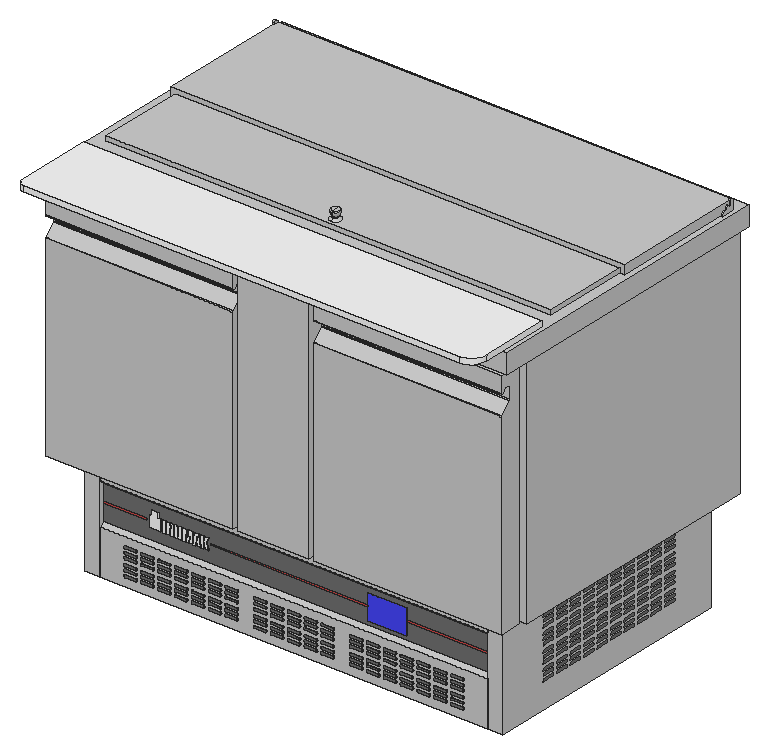
Revit family "QF_INOMAK_BSVP77_250611023528", category Specialty Equipment, Revit 2021 (continued)
Definition of nested family "QF_INOMAK_REF_BASE_MOTOR_2920"
  Forms (mm)
    Extrusion 20, solid
      sketch origin (1041, 1580.136, -390.167) x (0, 1, 0) y (0, 0, -1)
        loop
          line (-1907.436, -486.535) -> (-1883.436, -486.535)
          arc (-1883.436, -486.535) -> (-1880.436, -483.535) -> (-1883.436, -480.535) r 3
          line (-1883.436, -480.535) -> (-1907.436, -480.535)
          arc (-1907.436, -480.535) -> (-1910.436, -483.535) -> (-1907.436, -486.535) r 3
        loop
          line (-1868.436, -486.535) -> (-1844.436, -486.535)
          arc (-1844.436, -486.535) -> (-1841.436, -483.535) -> (-1844.436, -480.535) r 3
          line (-1844.436, -480.535) -> (-1868.436, -480.535)
          arc (-1868.436, -480.535) -> (-1871.436, -483.535) -> (-1868.436, -486.535) r 3
        loop
          line (-1829.436, -486.535) -> (-1805.436, -486.535)
          arc (-1805.436, -486.535) -> (-1802.436, -483.535) -> (-1805.436, -480.535) r 3
          line (-1805.436, -480.535) -> (-1829.436, -480.535)
          arc (-1829.436, -480.535) -> (-1832.436, -483.535) -> (-1829.436, -486.535) r 3
        loop
          line (-1790.436, -486.535) -> (-1766.436, -486.535)
          arc (-1766.436, -486.535) -> (-1763.436, -483.535) -> (-1766.436, -480.535) r 3
          line (-1766.436, -480.535) -> (-1790.436, -480.535)
          arc (-1790.436, -480.535) -> (-1793.436, -483.535) -> (-1790.436, -486.535) r 3
        loop
          line (-1751.436, -486.535) -> (-1727.436, -486.535)
          arc (-1727.436, -486.535) -> (-1724.436, -483.535) -> (-1727.436, -480.535) r 3
          line (-1727.436, -480.535) -> (-1751.436, -480.535)
          arc (-1751.436, -480.535) -> (-1754.436, -483.535) -> (-1751.436, -486.535) r 3
        loop
          line (-1985.436, -475.535) -> (-1961.436, -475.535)
          arc (-1961.436, -475.535) -> (-1958.436, -472.535) -> (-1961.436, -469.535) r 3
          line (-1961.436, -469.535) -> (-1985.436, -469.535)
          arc (-1985.436, -469.535) -> (-1988.436, -472.535) -> (-1985.436, -475.535) r 3
        loop
          line (-1946.436, -475.535) -> (-1922.436, -475.535)
          arc (-1922.436, -475.535) -> (-1919.436, -472.535) -> (-1922.436, -469.535) r 3
          line (-1922.436, -469.535) -> (-1946.436, -469.535)
          arc (-1946.436, -469.535) -> (-1949.436, -472.535) -> (-1946.436, -475.535) r 3
        loop
          line (-1907.436, -475.535) -> (-1883.436, -475.535)
          arc (-1883.436, -475.535) -> (-1880.436, -472.535) -> (-1883.436, -469.535) r 3
          line (-1883.436, -469.535) -> (-1907.436, -469.535)
          arc (-1907.436, -469.535) -> (-1910.436, -472.535) -> (-1907.436, -475.535) r 3
        loop
          line (-1868.436, -475.535) -> (-1844.436, -475.535)
          arc (-1844.436, -475.535) -> (-1841.436, -472.535) -> (-1844.436, -469.535) r 3
          line (-1844.436, -469.535) -> (-1868.436, -469.535)
          arc (-1868.436, -469.535) -> (-1871.436, -472.535) -> (-1868.436, -475.535) r 3
        loop
          line (-1829.436, -475.535) -> (-1805.436, -475.535)
          arc (-1805.436, -475.535) -> (-1802.436, -472.535) -> (-1805.436, -469.535) r 3
          line (-1805.436, -469.535) -> (-1829.436, -469.535)
          arc (-1829.436, -469.535) -> (-1832.436, -472.535) -> (-1829.436, -475.535) r 3
        loop
          line (-1790.436, -475.535) -> (-1766.436, -475.535)
          arc (-1766.436, -475.535) -> (-1763.436, -472.535) -> (-1766.436, -469.535) r 3
          line (-1766.436, -469.535) -> (-1790.436, -469.535)
          arc (-1790.436, -469.535) -> (-1793.436, -472.535) -> (-1790.436, -475.535) r 3
        loop
          line (-1751.436, -475.535) -> (-1727.436, -475.535)
          arc (-1727.436, -475.535) -> (-1724.436, -472.535) -> (-1727.436, -469.535) r 3
          line (-1727.436, -469.535) -> (-1751.436, -469.535)
          arc (-1751.436, -469.535) -> (-1754.436, -472.535) -> (-1751.436, -475.535) r 3
        loop
          line (-2102.436, -534.535) -> (-2078.436, -534.535)
          arc (-2078.436, -534.535) -> (-2075.436, -531.535) -> (-2078.436, -528.535) r 3
          line (-2078.436, -528.535) -> (-2102.436, -528.535)
          arc (-2102.436, -528.535) -> (-2105.436, -531.535) -> (-2102.436, -534.535) r 3
        loop
          line (-2063.436, -534.535) -> (-2039.436, -534.535)
          arc (-2039.436, -534.535) -> (-2036.436, -531.535) -> (-2039.436, -528.535) r 3
          line (-2039.436, -528.535) -> (-2063.436, -528.535)
          arc (-2063.436, -528.535) -> (-2066.436, -531.535) -> (-2063.436, -534.535) r 3
        loop
          line (-2024.436, -534.535) -> (-2000.436, -534.535)
          arc (-2000.436, -534.535) -> (-1997.436, -531.535) -> (-2000.436, -528.535) r 3
          line (-2000.436, -528.535) -> (-2024.436, -528.535)
          arc (-2024.436, -528.535) -> (-2027.436, -531.535) -> (-2024.436, -534.535) r 3
        loop
          line (-2102.436, -523.535) -> (-2078.436, -523.535)
          arc (-2078.436, -523.535) -> (-2075.436, -520.535) -> (-2078.436, -517.535) r 3
          line (-2078.436, -517.535) -> (-2102.436, -517.535)
          arc (-2102.436, -517.535) -> (-2105.436, -520.535) -> (-2102.436, -523.535) r 3
        loop
          line (-2063.436, -523.535) -> (-2039.436, -523.535)
          arc (-2039.436, -523.535) -> (-2036.436, -520.535) -> (-2039.436, -517.535) r 3
          line (-2039.436, -517.535) -> (-2063.436, -517.535)
          arc (-2063.436, -517.535) -> (-2066.436, -520.535) -> (-2063.436, -523.535) r 3
        loop
          line (-2024.436, -523.535) -> (-2000.436, -523.535)
          arc (-2000.436, -523.535) -> (-1997.436, -520.535) -> (-2000.436, -517.535) r 3
          line (-2000.436, -517.535) -> (-2024.436, -517.535)
          arc (-2024.436, -517.535) -> (-2027.436, -520.535) -> (-2024.436, -523.535) r 3
        loop
          line (-2102.436, -512.535) -> (-2078.436, -512.535)
          arc (-2078.436, -512.535) -> (-2075.436, -509.535) -> (-2078.436, -506.535) r 3
          line (-2078.436, -506.535) -> (-2102.436, -506.535)
          arc (-2102.436, -506.535) -> (-2105.436, -509.535) -> (-2102.436, -512.535) r 3
        loop
          line (-2063.436, -512.535) -> (-2039.436, -512.535)
          arc (-2039.436, -512.535) -> (-2036.436, -509.535) -> (-2039.436, -506.535) r 3
          line (-2039.436, -506.535) -> (-2063.436, -506.535)
          arc (-2063.436, -506.535) -> (-2066.436, -509.535) -> (-2063.436, -512.535) r 3
        loop
          line (-2024.436, -512.535) -> (-2000.436, -512.535)
          arc (-2000.436, -512.535) -> (-1997.436, -509.535) -> (-2000.436, -506.535) r 3
          line (-2000.436, -506.535) -> (-2024.436, -506.535)
          arc (-2024.436, -506.535) -> (-2027.436, -509.535) -> (-2024.436, -512.535) r 3
        loop
          line (-2102.436, -497.535) -> (-2078.436, -497.535)
          arc (-2078.436, -497.535) -> (-2075.436, -494.535) -> (-2078.436, -491.535) r 3
          line (-2078.436, -491.535) -> (-2102.436, -491.535)
          arc (-2102.436, -491.535) -> (-2105.436, -494.535) -> (-2102.436, -497.535) r 3
        loop
          line (-2063.436, -497.535) -> (-2039.436, -497.535)
          arc (-2039.436, -497.535) -> (-2036.436, -494.535) -> (-2039.436, -491.535) r 3
          line (-2039.436, -491.535) -> (-2063.436, -491.535)
          arc (-2063.436, -491.535) -> (-2066.436, -494.535) -> (-2063.436, -497.535) r 3
        loop
          line (-2024.436, -497.535) -> (-2000.436, -497.535)
          arc (-2000.436, -497.535) -> (-1997.436, -494.535) -> (-2000.436, -491.535) r 3
          line (-2000.436, -491.535) -> (-2024.436, -491.535)
          arc (-2024.436, -491.535) -> (-2027.436, -494.535) -> (-2024.436, -497.535) r 3
        loop
          line (-2102.436, -486.535) -> (-2078.436, -486.535)
          arc (-2078.436, -486.535) -> (-2075.436, -483.535) -> (-2078.436, -480.535) r 3
          line (-2078.436, -480.535) -> (-2102.436, -480.535)
          arc (-2102.436, -480.535) -> (-2105.436, -483.535) -> (-2102.436, -486.535) r 3
        loop
          line (-2063.436, -486.535) -> (-2039.436, -486.535)
          arc (-2039.436, -486.535) -> (-2036.436, -483.535) -> (-2039.436, -480.535) r 3
          line (-2039.436, -480.535) -> (-2063.436, -480.535)
          arc (-2063.436, -480.535) -> (-2066.436, -483.535) -> (-2063.436, -486.535) r 3
        loop
          line (-2024.436, -486.535) -> (-2000.436, -486.535)
          arc (-2000.436, -486.535) -> (-1997.436, -483.535) -> (-2000.436, -480.535) r 3
          line (-2000.436, -480.535) -> (-2024.436, -480.535)
          arc (-2024.436, -480.535) -> (-2027.436, -483.535) -> (-2024.436, -486.535) r 3
        loop
          line (-2102.436, -475.535) -> (-2078.436, -475.535)
          arc (-2078.436, -475.535) -> (-2075.436, -472.535) -> (-2078.436, -469.535) r 3
          line (-2078.436, -469.535) -> (-2102.436, -469.535)
          arc (-2102.436, -469.535) -> (-2105.436, -472.535) -> (-2102.436, -475.535) r 3
        loop
          line (-2063.436, -475.535) -> (-2039.436, -475.535)
          arc (-2039.436, -475.535) -> (-2036.436, -472.535) -> (-2039.436, -469.535) r 3
          line (-2039.436, -469.535) -> (-2063.436, -469.535)
          arc (-2063.436, -469.535) -> (-2066.436, -472.535) -> (-2063.436, -475.535) r 3
        loop
          line (-2024.436, -475.535) -> (-2000.436, -475.535)
          arc (-2000.436, -475.535) -> (-1997.436, -472.535) -> (-2000.436, -469.535) r 3
          line (-2000.436, -469.535) -> (-2024.436, -469.535)
          arc (-2024.436, -469.535) -> (-2027.436, -472.535) -> (-2024.436, -475.535) r 3
      from 16.5 to 19
  Lines and regions (mm)
    symbolic lines, visible <- "Show Clearance"
      curve 1: line (0, -700, 0) -> (0, -25, 0)
      curve 4: line (1080, -700, 0) -> (1080, -25, 0)
      curve 5: line (0, -25, 0) -> (1080, -25, 0)
      curve 6: line (1080, -700, 0) -> (0, -700, 0)
    symbolic lines
      curve 2: line (12, -1118, 0) -> (12, -700, 0)
      curve 3: arc (12, -1118, 0) -> (312.243, -995.109, 0) -> (447, -700, 0) r 440.665
      curve 7: line (1068, -1118, 0) -> (1068, -700, 0)
      curve 8: arc (1068, -1118, 0) -> (767.757, -995.109, 0) -> (633, -700, 0) r 440.665
  Dimensions and locks
    plane 3 "Left" to plane 4 "Right" = 1080 mm
    plane 5 "Front" to plane 1 "Back" = 700 mm
    plane 6 "Top" to level = 812 mm  (x2)
    aligned and locked: level to plane 2
Definition of nested family "QF_INOMAK_REF_SALADETTE_WORKTOPS_LID_5707"
  Parameters (values of type "WTRL-1080-700")
    Worktop thickness [instance] = 46 mm
    Weight [instance] = 0.00 kg
    Warranty Start Date [instance] = ""
    Warranty Duration [instance] = ""
    URL Cutsheet [instance] = ""
    URL = "www.inomak.com"
    Technical Documentation [instance] = ""
    Tag Number [instance] = ""
    Status [instance] = ""
    Specification by User [instance] = ""
    Specification by Manufacturer [instance] = ""
    Sound Level [instance] = ""
    Solid Fuel Type [instance] = ""
    Show Logo [instance] = yes
    Show Clearances [instance] = yes
    Show Clearance [instance] = yes
    Service Life Duration [instance] = ""
    Serial Number [instance] = ""
    Seismic Rating [instance] = ""
    SMACNA No [instance] = ""
    Revision Code [instance] = ""
    Revision [instance] = ""
    Production Year [instance] = ""
    Point Load [instance] = 0
    Other Equipment Approvals [instance] = ""
    NAFEM Spec ID Number [instance] = ""
    Model Warning [instance] = ""
    Model = "WTRL"
    Masterspec [instance] = ""
    Manufacturer = "INOMAK"
    Length Actual [instance] = 1080 mm
    Item Number [instance] = ""
    Installed By [instance] = ""
    Installation Date [instance] = ""
    Identify Quantity as Lot [instance] = yes
    ID [instance] = ""
    Hygiene Approval [instance] = ""
    Height Actual [instance] = 0 mm
    Height AFF [instance] = 0 mm
    Furnished By [instance] = ""
    Foodservice Equipment Identifier [instance] = yes
    Finish [instance] = none
    ETL Approved [instance] = yes
    Description = "RETRACTABLE STAINLESS-STEEL LID"
    Depth Actual [instance] = 700 mm
    Default Elevation = 0 mm
    CSI MasterFormat [instance] = ""
    CE Approved [instance] = yes
    Barcode [instance] = ""
    Author [instance] = ""
    Asset Identifier [instance] = ""
    Assembly Code = "E1090320"
    Accessory [instance] = yes
  Types (2, lengths in mm): name | Model | Description | Depth Actual
    WTRL-1080-700 | "WTRL" | "RETRACTABLE STAINLESS-STEEL LID" | 700
    WTRL-1080-700-80 | "WTRL-80" | "RETRACTABLE STAINLESS-STEEL LID WITH 80CM STAINLESS STEEL TOP" | 800
  Reference planes
    plane 1 "Back": y = 0
    plane 2: z = 0
    plane 3 "Left": x = 0
    plane 4 "Right": x = 1080
    plane 5 "Front": y = -700
    plane 6 "Top": z = 46
    plane 7 "Backsplash thickness": y = -30
    plane 8 "Worktop bottom": z = 0
    plane 9 "Upright height": z = 46
    plane 10: x = 15
    plane 11: x = 1065
    plane 12 "X": x = 540
    plane 13: x = 25
    plane 14: x = 1055
    plane 15: y = -540
  Forms (mm)
    Extrusion 1, solid, material <- "Finish"
      sketch origin (1065, 525.703, 3857.279) x (0, -0.984088, 0.177683) y (0, 0.177683, 0.984088)
        loop
          line (174.73, -3904.454) -> (178.284, -3884.772) -> (-126.783, -3829.69) -> (-130.337, -3849.372) -> (174.73, -3904.454)
      from 0 to 1050
    Extrusion 2, solid, material <- "Finish"
      sketch origin (0, -21.709, -75.027) x (0, 0.984088, -0.177683) y (0, 0.177683, 0.984088)
        loop
          line (-31.631, 117.273) -> (-35.185, 136.954)
          arc (-35.185, 136.954) -> (-39.248, 139.775) -> (-42.069, 135.711) r 3.498
          line (-42.069, 135.711) -> (-40.399, 126.463)
          arc (-40.399, 126.463) -> (-41.381, 124.558) -> (-43.476, 125.013) r 1.761
          line (-43.476, 125.013) -> (-46.345, 128.403)
          arc (-46.345, 128.403) -> (-48.283, 129.247) -> (-50.133, 128.222) r 2.39
          line (-50.133, 128.222) -> (-51.763, 125.874) -> (-50.874, 120.953) -> (-54.578, 120.285)
          arc (-54.578, 120.285) -> (-56.864, 119.385) -> (-58.632, 117.678) r 6.297
          line (-58.632, 117.678) -> (-61.483, 113.571) -> (-61.188, 111.936) -> (-31.631, 117.273)
      from 10 to 15
    Extrusion 3, solid, visible <- "Show Clearance", detail levels coarse
      sketch origin (1065, 525.703, 3857.279) x (0, -0.984088, 0.177683) y (0, 0.177683, 0.984088)
        loop
          arc (375.102, -3920.308) -> (292.18, -3538.881) -> (-36.165, -3327.805) r 510
          line (-36.165, -3327.805) -> (-126.783, -3829.69) -> (375.102, -3920.308)
      from 0 to 1050
    Extrusion 4, solid
      sketch origin (0, 0, 46) x (0, 1, 0) y (-1, 0, 0)
        loop
          line (-585, -10) -> (-765, -10)
          arc (-765, -10) -> (-775.607, -14.393) -> (-780, -25) r 15
          line (-780, -25) -> (-780, -1035)
          arc (-780, -1035) -> (-769.749, -1059.749) -> (-745, -1070) r 35
          line (-745, -1070) -> (-585, -1070) -> (-585, -10)
      from 0 to 12.047
    Extrusion 5, solid, material <- "Finish"
      sketch origin (1065, 215.703, 3857.279) x (0, -0.984088, 0.177683) y (0, 0.177683, 0.984088)
        loop
          line (66.481, -3884.909) -> (68.258, -3875.068) -> (-128.56, -3839.531) -> (-130.337, -3849.372) -> (66.481, -3884.909)
      from 10 to 1040
    Extrusion 6, solid, material <- "Finish"
      sketch origin (1080, -1405.169, 4000) x (0, -1, 0) y (0, 0, 1)
        loop
          line (-1373.169, -3954) -> (-1343.135, -3954) -> (-1343.135, -3952.339) -> (-1346.67, -3948.803)
          arc (-1346.67, -3948.803) -> (-1348.713, -3947.438) -> (-1351.123, -3946.959) r 6.297
          line (-1351.123, -3946.959) -> (-1354.886, -3946.959) -> (-1354.886, -3941.959) -> (-1356.908, -3939.937)
          arc (-1356.908, -3939.937) -> (-1358.91, -3939.258) -> (-1360.668, -3940.432) r 2.39
          line (-1360.668, -3940.432) -> (-1362.888, -3944.278)
          arc (-1362.888, -3944.278) -> (-1364.869, -3945.099) -> (-1366.174, -3943.398) r 1.761
          line (-1366.174, -3943.398) -> (-1366.174, -3934)
          arc (-1366.174, -3934) -> (-1369.671, -3930.502) -> (-1373.169, -3934) r 3.498
          line (-1373.169, -3934) -> (-1373.169, -3954)
      from 10 to 15
    Revolve 7, solid, material <- "Finish"
      sketch origin (540, -83.951, 4000) x (0, -1, 0) y (0, 0, 1)
        loop
          line (447.898, -3944) -> (443.856, -3939.958) -> (440.026, -3939.958) -> (440.026, -3936.951)
          arc (440.026, -3936.951) -> (444.435, -3932.542) -> (446.049, -3926.519) r 12.045
          line (446.049, -3926.519) -> (445.373, -3924) -> (436.049, -3924) -> (436.049, -3944) -> (447.898, -3944)
        axis (436.049, -3944) -> (436.049, -3924)
      angle from 0 to 360
  Lines and regions (mm)
    Masking region 1
      outline origin (0, 0, 46) x (0, 1, 0) y (-1, 0, 0)
        loop
          line (-700, -10) -> (-765, -10)
          arc (-765, -10) -> (-775.607, -14.393) -> (-780, -25) r 15
          line (-780, -25) -> (-780, -1035)
          arc (-780, -1035) -> (-769.749, -1059.749) -> (-745, -1070) r 35
          line (-745, -1070) -> (-700, -1070) -> (-700, -1080) -> (0, -1080) -> (0, 0) -> (-700, 0) -> (-700, -10)
    symbolic lines
      curve 1: line (15, -340, 46) -> (1065, -340, 46)
      curve 2: line (15, -30, 46) -> (15, -340, 46)
      curve 3: line (1065, -30, 46) -> (15, -30, 46)
      curve 4: line (1065, -340, 46) -> (1065, -30, 46)
      curve 5: line (1070, -585, 46) -> (10, -585, 46)
      curve 6: line (10, -585, 46) -> (10, -765, 46)
      curve 7: line (1070, -745, 46) -> (1070, -585, 46)
      curve 8: arc (1035, -780, 46) -> (1059.749, -769.749, 46) -> (1070, -745, 46) r 35
      curve 9: line (25, -780, 46) -> (1035, -780, 46)
      curve 10: arc (10, -765, 46) -> (14.393, -775.607, 46) -> (25, -780, 46) r 15
      curve 11: line (25, -540, 46) -> (25, -340, 46)
      curve 12: line (25, -540, 46) -> (1055, -540, 46)
      curve 13: line (1055, -540, 46) -> (1055, -340, 46)
      curve 14: circle (540, -520, 46) r 11.849 normal (0, 0, -1)
      curve 15: line (10, -700, 46) -> (0, -700, 46)
      curve 16: line (0, -700, 46) -> (0, 0, 46)
      curve 17: line (0, 0, 46) -> (1080, 0, 46)
      curve 18: line (1080, 0, 46) -> (1080, -700, 46)
      curve 19: line (1080, -700, 46) -> (1070, -700, 46)
  Dimensions and locks
    "Length Actual": plane 3 "Left" to plane 4 "Right"
    "Depth Actual": plane 5 "Front" to plane 1 "Back"
    plane 7 "Backsplash thickness" to plane 1 "Back" = 30 mm
    "Worktop thickness": plane 6 "Top" to plane 8 "Worktop bottom"
    plane 9 "Upright height" to plane 6 "Top" = 0 mm
    "Height AFF": plane 8 "Worktop bottom" to plane 2
    locked: plane 3 "Left" to plane 10 at 15
    equal spacing: plane 10, plane 12 "X", plane 11
    locked: plane 11 to plane 4 "Right" at 15
    plane 1 "Back" to plane 7 "Backsplash thickness" = 30 mm
    locked: plane 10 to plane 13 at 10
    locked: plane 14 to plane 11 at 10
    locked: plane 15 to plane 1 "Back" at 540
    locked: plane 5 "Front" to curve 6 at 115
    aligned and locked: level to plane 2
    aligned and locked: plane 3 "Left" to nested 1
    aligned and locked: plane 1 "Back" to nested 1
    aligned and locked: Extrusion 1 to plane 10
    aligned and locked: Extrusion 1 to Extrusion 3
    aligned and locked: Extrusion 5 to plane 14
    aligned and locked: plane 13 to Extrusion 5
    aligned and locked: nested 1 to plane 8 "Worktop bottom"
    aligned and locked: plane 9 "Upright height" to Extrusion 5 sketch curve
    aligned and locked: plane 15 to Extrusion 5 sketch curve
  Automatic sketch dimensions
    Extrusion 1 sketch curve to plane 6 "Top" = 0 mm
    Extrusion 1 sketch curve to plane 7 "Backsplash thickness" = 0 mm  (x2)
    Extrusion 1 sketch curve to Extrusion 1 sketch curve = 3.554 mm
    Extrusion 1 sketch curve to Extrusion 1 sketch curve = 305.067 mm
    Extrusion 2 sketch curve to plane 6 "Top" = 0 mm  (x2)
    plane 6 "Top" to Extrusion 2 sketch curve = 1.661 mm
    Extrusion 2 sketch curve to plane 7 "Backsplash thickness" = 32.034 mm
    Extrusion 2 sketch curve to Extrusion 2 sketch curve = 2.851 mm
    Extrusion 2 sketch curve to Extrusion 2 sketch curve = 4.054 mm
    Extrusion 2 sketch curve to Extrusion 2 sketch curve = 5.173 mm
    Extrusion 2 sketch curve to Extrusion 2 sketch curve = 2.815 mm
    Extrusion 2 sketch curve to Extrusion 2 sketch curve = 3.703 mm
    Extrusion 2 sketch curve to Extrusion 2 sketch curve = 1.63 mm
    Extrusion 2 sketch curve to Extrusion 2 sketch curve = 1.963 mm
    Extrusion 2 sketch curve to Extrusion 2 sketch curve = 1.825 mm
    Extrusion 2 sketch curve to Extrusion 2 sketch curve = 2.868 mm
    Extrusion 2 sketch curve to Extrusion 2 sketch curve = 1.344 mm
    Extrusion 2 sketch curve to Extrusion 2 sketch curve = 4.276 mm
    Extrusion 2 sketch curve to Extrusion 2 sketch curve = 1.733 mm
    Extrusion 2 sketch curve to Extrusion 2 sketch curve = 3.442 mm  (x2)
    Extrusion 2 sketch curve to Extrusion 2 sketch curve = 8.768 mm
    Extrusion 2 sketch curve to Extrusion 2 sketch curve = 2.151 mm
    Extrusion 2 sketch curve to Extrusion 2 sketch curve = 4.107 mm
    Extrusion 2 sketch curve to Extrusion 2 sketch curve = 0.669 mm
    Extrusion 2 sketch curve to Extrusion 2 sketch curve = 0.861 mm
    Extrusion 2 sketch curve to Extrusion 2 sketch curve = 1.137 mm
    Extrusion 2 sketch curve to Extrusion 2 sketch curve = 0.985 mm
    Extrusion 2 sketch curve to Extrusion 2 sketch curve = 1.363 mm
    Extrusion 2 sketch curve to Extrusion 2 sketch curve = 1.243 mm
    plane 10 to Extrusion 4 sketch curve = 10 mm
    Extrusion 4 sketch curve to plane 5 "Front" = 80 mm
    Extrusion 4 sketch curve to Extrusion 4 sketch curve = 15 mm
    Extrusion 4 sketch curve to plane 11 = 5 mm
    Extrusion 4 sketch curve to plane 5 "Front" = 45 mm
    plane 5 "Front" to Extrusion 4 sketch curve = 115 mm
    Extrusion 6 sketch curve to plane 6 "Top" = 0 mm
    Extrusion 6 sketch curve to plane 7 "Backsplash thickness" = 2 mm
    Extrusion 6 sketch curve to Extrusion 6 sketch curve = 3.498 mm
    Extrusion 6 sketch curve to Extrusion 6 sketch curve = 1.761 mm
    plane 6 "Top" to Extrusion 6 sketch curve = 9.722 mm
    Extrusion 6 sketch curve to Extrusion 6 sketch curve = 1.525 mm
    Extrusion 6 sketch curve to Extrusion 6 sketch curve = 2.22 mm
    Extrusion 6 sketch curve to Extrusion 6 sketch curve = 2.07 mm
    Extrusion 6 sketch curve to Extrusion 6 sketch curve = 1.69 mm
    Extrusion 6 sketch curve to Extrusion 6 sketch curve = 2.021 mm
    Extrusion 6 sketch curve to Extrusion 6 sketch curve = 3.763 mm
    plane 6 "Top" to Extrusion 6 sketch curve = 5.197 mm
    Extrusion 6 sketch curve to Extrusion 6 sketch curve = 4.453 mm
    plane 6 "Top" to Extrusion 6 sketch curve = 1.661 mm
    Extrusion 6 sketch curve to Extrusion 6 sketch curve = 3.536 mm
    plane 6 "Top" to Extrusion 6 sketch curve = 0.744 mm
    Extrusion 6 sketch curve to Extrusion 6 sketch curve = 5 mm
    Extrusion 6 sketch curve to Extrusion 6 sketch curve = 0.331 mm
    Extrusion 6 sketch curve to Extrusion 6 sketch curve = 1.195 mm
    Extrusion 6 sketch curve to Extrusion 6 sketch curve = 9.398 mm
    plane 6 "Top" to Revolve 7 sketch curve = 27.481 mm
    Revolve 7 sketch curve to Revolve 7 sketch curve = 2.045 mm
    Revolve 7 sketch curve to Revolve 7 sketch curve = 3.978 mm
    plane 6 "Top" to Revolve 7 sketch curve = 14.042 mm
    Revolve 7 sketch curve to Revolve 7 sketch curve = 3.83 mm
    Revolve 7 sketch curve to Revolve 7 sketch curve = 9.325 mm
    Revolve 7 sketch curve to Revolve 7 sketch curve = 0.675 mm
    Revolve 7 sketch curve to Revolve 7 sketch curve = 4.042 mm  (x2)
    Revolve 7 sketch curve to Revolve 7 sketch curve = 2.519 mm
    Revolve 7 sketch curve to Revolve 7 sketch curve = 0 mm  (x2)
    Revolve 7 sketch curve to Revolve 7 sketch curve = 6.307 mm
    curve 10 to plane 13 = 0 mm
    curve 19 to plane 4 "Right" = 0 mm
    curve 19 to plane 5 "Front" = 0 mm
    curve 16 to plane 3 "Left" = 0 mm
    curve 16 to plane 5 "Front" = 0 mm
    curve 11 to plane 13 = 0 mm
    curve 14 to plane 12 "X" = 0 mm
    curve 1 to plane 11 = 0 mm
    curve 2 to plane 10 = 0 mm
    curve 3 to plane 7 "Backsplash thickness" = 0 mm
    plane 1 "Back" to curve 17 = 0 mm
    curve 8 to plane 5 "Front" = 45 mm
    curve 6 to plane 10 = 5 mm
    curve 6 to plane 5 "Front" = 65 mm
    Masking region 1 sketch curve to plane 13 = 0 mm
    Masking region 1 sketch curve to plane 5 "Front" = 0 mm  (x2)
    Masking region 1 sketch curve to plane 4 "Right" = 0 mm
    plane 1 "Back" to Masking region 1 sketch curve = 0 mm
    Masking region 1 sketch curve to plane 3 "Left" = 0 mm
    Masking region 1 sketch curve to plane 11 = 5 mm
    Masking region 1 sketch curve to Masking region 1 sketch curve = 45 mm
    Masking region 1 sketch curve to plane 10 = 5 mm
    Masking region 1 sketch curve to plane 5 "Front" = 65 mm
    plane 15 to curve 14 = 20 mm
    curve 13 to plane 15 = 0 mm
    plane 15 to curve 1 = 200 mm
    curve 7 to plane 11 = 5 mm
    curve 12 to plane 14 = 0 mm
    plane 15 to Revolve 7 sketch curve = 22.045 mm
    Extrusion 3 sketch curve to plane 7 "Backsplash thickness" = 0 mm  (x3)
    Extrusion 3 sketch curve to plane 15 = 0 mm
    plane 6 "Top" to Extrusion 3 sketch curve = 20 mm
    Extrusion 3 sketch curve to Extrusion 3 sketch curve = 0 mm
    Extrusion 5 sketch curve to Extrusion 5 sketch curve = 195.041 mm
    Extrusion 5 sketch curve to Extrusion 5 sketch curve = 1.777 mm
    radius of curve 14 = 11.849 mm
  Nested families
    nested 1: "Worktop" at (0, 0, 0), Length Actual <- "Length Actual", Depth Actual <- "Depth Actual", Height AFF <- "Height AFF", Worktop thickness <- "Worktop thickness", type "without backsplash"
      with Worktop thickness 46 mm, Length Actual 1080 mm, Height AFF 0 mm, Depth Actual 700 mm, Backsplash thickness 30 mm, Backsplash height 0 mm
  Definition of nested family "Worktop"
    Parameters (values of type "without backsplash")
      Worktop without backsplash = yes
      Worktop with backsplash = no
      Worktop thickness [instance] = 40 mm
      Without worktop = no
      URL = ""
      Model = ""
      Manufacturer = ""
      Length Actual [instance] = 1200 mm
      Height AFF [instance] = 860 mm
      Finish = none
      Description = "TABLE WITH BACKSPLASH"
      Depth Actual [instance] = 700 mm
      Default Elevation = 0 mm
      Backsplash thickness [instance] = 20 mm
      Backsplash height [instance] = 100 mm
      Assembly Code = "E1090320"
    Reference planes
      plane 1 "Back": y = 0
      plane 2: z = 0
      plane 3 "Left": x = 0
      plane 4 "Right": x = 1200
      plane 5 "Front": y = -700
      plane 6 "Top": z = 900
      plane 7 "Backsplash thickness": y = -20
      plane 8 "Worktop bottom": z = 860
      plane 9 "Upright height": z = 1000
      plane 10 "Center Left Right": x = 600
    Forms (mm)
      Extrusion 1, solid, material <- "Finish", visible <- "Worktop with backsplash"
        sketch origin (0, 0, 0) x (0, 1, 0) y (0, 0, 1)
          loop
            line (0, 1000) -> (-20, 1000) -> (-20, 910)
            arc (-20, 910) -> (-22.929, 902.929) -> (-30, 900) r 10
            line (-30, 900) -> (-700, 900) -> (-700, 860) -> (0, 860) -> (0, 1000)
        from 0 to 1200
      Extrusion 2, solid, material <- "Finish", visible <- "Worktop without backsplash"
        sketch origin (0, 0, 0) x (0, 1, 0) y (0, 0, 1)
          loop
            line (0, 860) -> (0, 900) -> (-700, 900) -> (-700, 860) -> (0, 860)
        from 0 to 1200
    Lines and regions (mm)
      Masking region 1, visible <- "Worktop with backsplash"
        outline origin (0, 0, 900) x (0, 1, 0) y (-1, 0, 0)
          loop
            line (0, 0) -> (-700, 0) -> (-700, -1200) -> (0, -1200) -> (0, 0)
      Masking region 2, visible <- "Worktop without backsplash"
        outline origin (0, 0, 900) x (0, 1, 0) y (-1, 0, 0)
          loop
            line (0, 0) -> (-700, 0) -> (-700, -1200) -> (0, -1200) -> (0, 0)
      symbolic lines, visible <- "Worktop with backsplash"
        curve 1: line (0, 0, 0) -> (1200, 0, 0)
        curve 2: line (1200, 0, 0) -> (1200, -700, 0)
        curve 3: line (1200, -700, 0) -> (0, -700, 0)
        curve 4: line (0, -700, 0) -> (0, 0, 0)
        curve 5: line (0, -20, 0) -> (1200, -20, 0)
      symbolic lines, visible <- "Worktop without backsplash"
        curve 6: line (0, 0, 0) -> (1200, 0, 0)
        curve 7: line (1200, 0, 0) -> (1200, -700, 0)
        curve 8: line (1200, -700, 0) -> (0, -700, 0)
        curve 9: line (0, -700, 0) -> (0, 0, 0)
      symbolic lines, visible <- "Without worktop"
        curve 10: line (0, 0, 0) -> (1200, 0, 0)
        curve 11: line (1200, 0, 0) -> (1200, -700, 0)
        curve 12: line (1200, -700, 0) -> (0, -700, 0)
        curve 13: line (0, -700, 0) -> (0, 0, 0)
      reference lines
        curve 14: line (600, 0, 1000) -> (600, -20, 1000)
        curve 15: line (0, -700, 900) -> (1200, -700, 900)
        curve 16: line (1200, -700, 900) -> (1200, 0, 900)
        curve 17: line (0, -700, 900) -> (0, 0, 900)
        curve 18: line (0, 0, 900) -> (1200, 0, 900)
        curve 19: line (600, 0, 860) -> (600, -700, 860)
    Dimensions and locks
      "Length Actual": plane 3 "Left" to plane 4 "Right"
      "Depth Actual": plane 5 "Front" to plane 1 "Back"
      "Backsplash thickness": plane 7 "Backsplash thickness" to plane 1 "Back"
      "Worktop thickness": plane 6 "Top" to plane 8 "Worktop bottom"
      "Backsplash height": plane 9 "Upright height" to plane 6 "Top"
      "Backsplash height": curve 14 to plane 6 "Top"
      "Depth Actual": curve 15 to plane 1 "Back"
      "Length Actual": plane 3 "Left" to curve 16
      "Length Actual": curve 17 to plane 4 "Right"
      "Depth Actual": curve 18 to plane 5 "Front"
      equal spacing: plane 3 "Left", plane 10 "Center Left Right", plane 4 "Right"
      "Height AFF": plane 8 "Worktop bottom" to plane 2
      "Height AFF": curve 19 to plane 2
      aligned and locked: level to plane 2
      aligned and locked: Extrusion 1 to plane 4 "Right"
      aligned and locked: Extrusion 1 sketch curve to plane 7 "Backsplash thickness"
      aligned and locked: curve 5 to plane 7 "Backsplash thickness"
      aligned and locked: Extrusion 1 sketch curve to plane 8 "Worktop bottom"
      aligned and locked: plane 9 "Upright height" to Extrusion 1 sketch curve
      aligned and locked: plane 6 "Top" to Extrusion 1 sketch curve
      aligned and locked: plane 6 "Top" to Extrusion 2 sketch curve
      aligned and locked: Extrusion 2 sketch curve to plane 1 "Back"
      aligned and locked: Extrusion 2 sketch curve to plane 8 "Worktop bottom"
      aligned and locked: Extrusion 2 sketch curve to plane 5 "Front"
      aligned and locked: Extrusion 2 to plane 4 "Right"
      aligned and locked: Masking region 1 sketch curve to Extrusion 1  (x4)
      aligned and locked: Masking region 2 sketch curve to Extrusion 1  (x4)
    Automatic sketch dimensions
      plane 1 "Back" to curve 1 = 0 mm
      curve 13 to plane 3 "Left" = 0 mm
      curve 7 to plane 4 "Right" = 0 mm
      curve 13 to plane 5 "Front" = 0 mm
      Extrusion 1 sketch curve to plane 1 "Back" = 0 mm
      Extrusion 1 sketch curve to Extrusion 1 sketch curve = 10 mm
      Extrusion 1 sketch curve to plane 5 "Front" = 0 mm
      curve 19 to plane 1 "Back" = 0 mm
      curve 14 to plane 1 "Back" = 0 mm
      curve 14 to plane 7 "Backsplash thickness" = 0 mm
      curve 19 to plane 5 "Front" = 0 mm
      curve 16 to plane 5 "Front" = 0 mm
      curve 17 to plane 5 "Front" = 0 mm
      plane 1 "Back" to curve 17 = 0 mm
      plane 1 "Back" to curve 16 = 0 mm
      curve 15 to plane 4 "Right" = 0 mm
      curve 18 to plane 4 "Right" = 0 mm
      curve 18 to plane 3 "Left" = 0 mm
      curve 15 to plane 3 "Left" = 0 mm
Definition of nested family "CONN_POINT_ELE_2D___Generic_Annotation"
  Parameters (values of type "CONN_POINT_ELE_2D___Generic_Annotation")
    Onboard connection annotation symbol visibility [instance] = yes
  Reference planes
    plane 1: y = 0
    plane 2: x = 0
  Lines and regions (mm)
    detail lines, visible <- "Onboard connection annotation symbol visibility"
      curve 1: circle (0, 0, 0) r 0.5 normal (0, 0, 1)
      curve 2: line (-1, 0, 0) -> (1, 0, 0)
      curve 3: line (0, 1, 0) -> (0, -1, 0)
      curve 4: line (2.5, 1, 0) -> (1.25, 1, 0)
      curve 5: line (1.25, 1, 0) -> (1.25, -1, 0)
      curve 6: line (1.25, -1, 0) -> (2.5, -1, 0)
      curve 7: line (1.25, 0, 0) -> (2, 0, 0)
